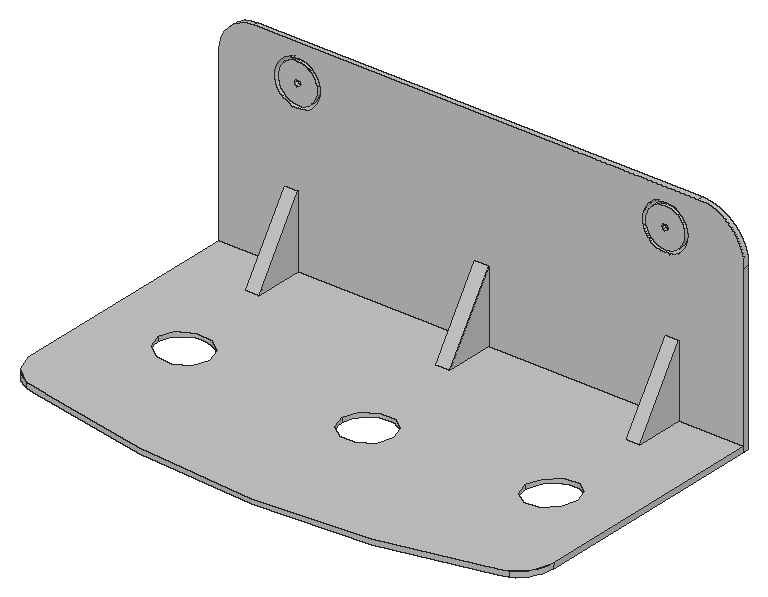
Revit family
Parameters (values of type "9001")
  Width = 0' - 2 13/16"
  Warranty Information = "Complete Unit, One Year."
  Version = "1.0"
  URL = "http://www.bradleycorp.com"
  Technical Data = "n/a"
  Soap Dish Material = Metal - Bradley Corp - Stainless Steel
  Plate Offset = if(Anchor Plate, 0' 0 3/16", 0' 0")  # 0' - 0"
  Percentage of Recycled Content = 0
  OmniClass Title = "Soap Holders, Dispensers"
  Omni Class Code = "23.40.20.21.34"
  Modeling Code = "n/a"
  Model = "9001"
  Material Note = "n/a"
  MasterFormat Title = "Toilet Accessories"
  MasterFormat Number = "10 28 13"
  Manufacturer = "Bradley Corporation"
  Low Emitting Material = no
  LEED Credit = ""
  Industry Standards = "n/a"
  Fire Rating = "n/a"
  Description = "Soap Dish"
  Copyright = "This Model Is Property Of Bradley Corporation"
  Complies to NAFTA = "n/a"
  Cadmium Plate Thickness = 0' - 0 3/16"
  Buy American Act = "To Be Determined"
  Assembly Code = "C1030200"
  Anchor Plate Material = Metal - Bradley Corp - Stainless Steel - Cadmium Plated
  Anchor Plate = no
  Material = "Stainless Steel"
  Length = 0' - 5"
  Height = 0' - 2 1/8"
  ADA Compliant = "No"
Types (3): name | Plate Offset | Model | Description | Anchor Plate
  9001-59 | 0' - 0 3/16" | "9001-59" | "Soap Dish With Cadmium Anchor Plate" | yes
  9001 | 0' - 0" | "9001" | "Soap Dish" | no
  9001-61 | 0' - 0" | "9001-61" | "Soap Dish With Zinc Plated Flat Head Wood Screws" | no
Reference planes (in)
  plane 1 "Center (Front/Back)": y = 0
  plane 2: z = 0
  plane 3 "Center (Left/Right)": x = 0
  plane 4 "Front Edge Of Soap Dish": y = -2.8125
  plane 5 "Left Edge Of Soap Dish": x = -2.5
  plane 6 "Right Edge Of Soap Dish": x = 2.5
  plane 7 "Arch Of Soap Dish": z = 0.12324
  plane 8: z = 0.17124
  plane 9: z = 0.048
  plane 10 "Top Of Soap Dish": z = 2.125
  plane 11 "Soap Dish Thickness": y = -0.048
  plane 12: y = -2.5625
  plane 13 "Hole Centerline": y = -1.40625
  plane 14 "Hole Centerline1": x = -1.75
  plane 15 "Hole Centerline3": x = 1.75
  plane 16 "Right Rib": x = 1.75
  plane 17 "Front Of Rib": y = -0.59488
  plane 18 "Top Of Rib": z = 0.85832
  plane 19: x = -1.75
  plane 20 "Left Rib": x = -1.75
  plane 21: z = 1.77583
  plane 22: z = 1.77583
  plane 23: y = 0
Forms (in)
  Extrusion 1, solid, material "Metal - Bradley Corp - Stainless Steel" <- "Soap Dish Material"
    sketch origin (0, 0, 0) x (1, 0, 0) y (0, 0, 1)
      loop
        arc (-2.5, 0.12324) -> (0, 0) -> (2.5, 0.12324) r 25.41938
        line (2.5, 0.12324) -> (2.5, 0.17124)
        arc (2.5, 0.17124) -> (0, 0.048) -> (-2.5, 0.17124) r 25.41938
        line (-2.5, 0.17124) -> (-2.5, 0.12324)
    from 0 to 2.8125
  Extrusion 2, solid, material "Metal - Bradley Corp - Stainless Steel" <- "Soap Dish Material"
    sketch origin (0, 0, 0) x (1, 0, 0) y (0, 0, 1)
      loop
        arc (-2.5, 0.12324) -> (0, 0) -> (2.5, 0.12324) r 25.41938
        line (2.5, 0.12324) -> (2.5, 1.68806)
        arc (2.5, 1.68806) -> (2.37202, 1.99702) -> (2.06306, 2.125) r 0.43694
        line (2.06306, 2.125) -> (-2.17346, 2.125)
        arc (-2.17346, 2.125) -> (-2.40436, 2.02936) -> (-2.5, 1.79846) r 0.32654
        line (-2.5, 1.79846) -> (-2.5, 0.12324)
    from 0 to 0.048
  Extrusion 3, void
    sketch origin (0, 0, 0) x (1, 0, 0) y (0, 1, 0)
      loop
        line (-2.5, -2.5625) -> (-2.5, -2.8125) -> (2.5, -2.8125) -> (2.5, -2.5625)
        arc (2.5, -2.5625) -> (0, -2.78131) -> (-2.5, -2.5625) r 14.39127
    from 0 to 0.17124
  Extrusion 4, void
    sketch origin (0, 0, 0) x (1, 0, 0) y (0, 1, 0)
      loop
        line (-2.5, -2.3125) -> (-2.5, -2.61209) -> (-2.20041, -2.61209)
        arc (-2.20041, -2.61209) -> (-2.41225, -2.52435) -> (-2.5, -2.3125) r 0.29959
      loop
        arc (2.5, -2.3125) -> (2.41225, -2.52435) -> (2.20041, -2.61209) r 0.29959
        line (2.20041, -2.61209) -> (2.5, -2.61209) -> (2.5, -2.3125)
    from 0 to 0.17124
  Extrusion 5, void
    sketch origin (0, 0, 0) x (1, 0, 0) y (0, 1, 0)
      loop
        circle (-1.75, -1.40625) r 0.25
      loop
        circle (0, -1.40625) r 0.25
      loop
        circle (1.75, -1.40625) r 0.25
    from -0.03303 to 0.17124
  Extrusion 6, solid, material "Metal - Bradley Corp - Stainless Steel"
    sketch origin (0, -0.59488, 2.09581) x (0, 0, 1) y (1, 0, 0)
      loop
        line (-1.98749, 1.75) -> (-1.23749, 1.75) -> (-1.23749, 1.875) -> (-1.97887, 1.875) -> (-1.98749, 1.75)
      loop
        line (-1.23749, -0.0625) -> (-1.23749, 0.0625) -> (-2.04781, 0.0625) -> (-2.04781, -0.0625) -> (-1.23749, -0.0625)
      loop
        line (-1.23749, -1.75) -> (-1.98626, -1.75) -> (-1.97764, -1.875) -> (-1.23749, -1.875) -> (-1.23749, -1.75)
    from 0 to 0.54687
  Extrusion 7, void
    sketch origin (0.0625, -0.59488, 0.85832) x (0, 0, 1) y (0, 1, 0)
      loop
        line (0, 0.54687) -> (-0.81032, 0) -> (0, 0) -> (0, 0.54687)
    from -1.8125 to 1.9375
  Revolve 8, void
    sketch origin (-1.75, -180, 2.125) x (0, 0, 1) y (0, -1, 0)
      loop
        line (-0.16167, -179.952) -> (-0.16167, -179.98325)
        arc (-0.16167, -179.98325) -> (-0.13957, -179.9741) -> (-0.13042, -179.952) r 0.03125
        line (-0.13042, -179.952) -> (-0.16167, -179.952)
      axis (-0.34917, -179.952) -> (-0.34917, -179.99137)
    angle from 0 to 360
  Revolve 9, void
    sketch origin (1.75, -180, 2.125) x (0, 0, 1) y (0, -1, 0)
      loop
        line (-0.16167, -179.952) -> (-0.16167, -179.98325)
        arc (-0.16167, -179.98325) -> (-0.13957, -179.9741) -> (-0.13042, -179.952) r 0.03125
        line (-0.13042, -179.952) -> (-0.16167, -179.952)
      axis (-0.34917, -179.952) -> (-0.34917, -179.99137)
    angle from 0 to 360
  Extrusion 10, void
    sketch origin (0, -0.048, 0) x (-1, 0, 0) y (0, 0, 1)
      loop
        circle (1.75, 1.77583) r 0.03125
      loop
        circle (-1.75, 1.77583) r 0.03125
    from 0 to 0.03125
Cuts and joins
  Extrusion 3, Extrusion 4, Extrusion 5 cuts Extrusion 1
  Extrusion 7, Revolve 8, Revolve 9, Extrusion 10 cuts Extrusion 2
  Extrusion 7 cuts Extrusion 6
Dimensions and locks (in)
  equal spacing: plane 5 "Left Edge Of Soap Dish", plane 3 "Center (Left/Right)", plane 6 "Right Edge Of Soap Dish", locked at 2.5 each
  locked: plane 7 "Arch Of Soap Dish" to level at 0.12324
  locked: plane 8 to plane 7 "Arch Of Soap Dish" at 0.048
  locked: plane 9 to level at 0.048
  plane 4 "Front Edge Of Soap Dish" to plane 1 "Center (Front/Back)" = 0' - 2 13/16"
  locked: plane 10 "Top Of Soap Dish" to level at 2.125
  locked: plane 11 "Soap Dish Thickness" to plane 1 "Center (Front/Back)" at 0.048
  locked: plane 4 "Front Edge Of Soap Dish" to plane 12 at 0.25
  equal spacing: plane 4 "Front Edge Of Soap Dish", plane 13 "Hole Centerline", plane 1 "Center (Front/Back)", locked at 1.40625 each
  locked: plane 5 "Left Edge Of Soap Dish" to plane 14 "Hole Centerline1" at 0.75
  locked: plane 15 "Hole Centerline3" to plane 6 "Right Edge Of Soap Dish" at 0.75
  locked: plane 6 "Right Edge Of Soap Dish" to plane 16 "Right Rib" at 0.75
  locked: Extrusion 6 sketch curve to Extrusion 6 sketch curve at 0.125
  locked: Extrusion 6 sketch curve to Extrusion 6 sketch curve at 0.75
  locked: Extrusion 6 sketch curve to Extrusion 6 sketch curve at 0.74137
  locked: plane 5 "Left Edge Of Soap Dish" to plane 20 "Left Rib" at 0.75
  Extrusion 6 sketch curve to Extrusion 6 sketch curve = 0' - 0 1/8"  (x2)
  equal spacing: Extrusion 6 sketch curve, plane 3 "Center (Left/Right)", Extrusion 6 sketch curve
  Revolve 8 sketch curve to Revolve 8 sketch curve = 0' - 0 3/16"
  Revolve 9 sketch curve to Revolve 9 sketch curve = 0' - 0 3/16"
  "Plate Offset": plane 1 "Center (Front/Back)" to plane 23
  plane 22 to level = 0' - 1.77583"
  aligned and locked: Extrusion 1 sketch curve to plane 5 "Left Edge Of Soap Dish"
  aligned and locked: Extrusion 1 sketch curve to plane 6 "Right Edge Of Soap Dish"
  aligned and locked: plane 4 "Front Edge Of Soap Dish" to Extrusion 1
  aligned and locked: plane 7 "Arch Of Soap Dish" to Extrusion 2 sketch curve
  aligned and locked: Extrusion 2 sketch curve to plane 5 "Left Edge Of Soap Dish"
  aligned and locked: Extrusion 2 sketch curve to plane 6 "Right Edge Of Soap Dish"
  aligned and locked: Extrusion 2 sketch curve to plane 10 "Top Of Soap Dish"
  aligned and locked: plane 11 "Soap Dish Thickness" to Extrusion 2
  aligned and locked: Extrusion 3 sketch curve to Extrusion 1  (x2)
  aligned and locked: Extrusion 3 sketch curve to plane 4 "Front Edge Of Soap Dish"
  aligned and locked: plane 8 to Extrusion 3
  aligned and locked: plane 8 to Extrusion 4
  aligned and locked: plane 8 to Extrusion 5
  aligned and locked: plane 16 "Right Rib" to Extrusion 6 sketch curve
  aligned and locked: plane 18 "Top Of Rib" to Extrusion 6 sketch curve  (x2)
  aligned and locked: Extrusion 6 sketch curve to plane 18 "Top Of Rib"
  aligned and locked: Extrusion 6 to Extrusion 2
  aligned and locked: Extrusion 7 to cut or joined group of Extrusion 6, Extrusion 7  (x2)
  aligned and locked: Extrusion 10 to Revolve 8
  aligned and locked: plane 20 "Left Rib" to nested 1
  aligned and locked: plane 16 "Right Rib" to nested 1
  aligned and locked: plane 22 to cut or joined group of Extrusion 2, Extrusion 7, Revolve 8, Revolve 9, Extrusion 10
  aligned and locked: plane 22 to nested 1
  aligned and locked: plane 23 to nested 1
Automatic sketch dimensions
  Extrusion 1 sketch curve to plane 3 "Center (Left/Right)" = 0' - 0"  (x2)
  Extrusion 1 sketch curve to plane 7 "Arch Of Soap Dish" = 0' - 0"
  Extrusion 1 sketch curve to plane 8 = 0' - 0"
  plane 8 to Extrusion 1 sketch curve = 2' - 1.24815"
  Extrusion 1 sketch curve to Extrusion 1 sketch curve = 0' - 0.048"
  Extrusion 2 sketch curve to plane 3 "Center (Left/Right)" = 0' - 0"
  Extrusion 2 sketch curve to plane 5 "Left Edge Of Soap Dish" = 0' - 0.32654"
  plane 16 "Right Rib" to Extrusion 2 sketch curve = 0' - 0.31306"
  plane 10 "Top Of Soap Dish" to Extrusion 2 sketch curve = 1' - 11.29438"
  Extrusion 3 sketch curve to plane 3 "Center (Left/Right)" = 0' - 0"
  Extrusion 3 sketch curve to plane 12 = 0' - 0"
  Extrusion 3 sketch curve to plane 1 "Center (Front/Back)" = 0' - 11.60996"
  Extrusion 4 sketch curve to plane 5 "Left Edge Of Soap Dish" = 0' - 0"
  Extrusion 4 sketch curve to plane 6 "Right Edge Of Soap Dish" = 0' - 0"
  Extrusion 4 sketch curve to Extrusion 4 sketch curve = 0' - 0.29959"
  Extrusion 4 sketch curve to plane 6 "Right Edge Of Soap Dish" = 0' - 0.29959"
  Extrusion 4 sketch curve to plane 4 "Front Edge Of Soap Dish" = 0' - 0.20041"  (x2)
  Extrusion 5 sketch curve to plane 13 "Hole Centerline" = 0' - 0"  (x3)
  Extrusion 5 sketch curve to plane 14 "Hole Centerline1" = 0' - 0"
  Extrusion 5 sketch curve to plane 3 "Center (Left/Right)" = 0' - 0"
  Extrusion 5 sketch curve to plane 15 "Hole Centerline3" = 0' - 0"
  Extrusion 6 sketch curve to plane 9 = 0' - 0"
  Extrusion 6 sketch curve to plane 19 = 0' - 0"
  Extrusion 6 sketch curve to plane 7 "Arch Of Soap Dish" = 0' - 0.01369"
  Extrusion 6 sketch curve to plane 7 "Arch Of Soap Dish" = 0' - 0.00506"
  Extrusion 7 sketch curve to Extrusion 6 = 0' - 0"  (x4)
  Revolve 8 sketch curve to plane 11 "Soap Dish Thickness" = 0' - 0"  (x2)
  Revolve 8 sketch curve to plane 1 "Center (Front/Back)" = 0' - 0.05036"
  plane 8 to Revolve 8 sketch curve = 0' - 1.6046"
  Revolve 8 sketch curve to Revolve 8 sketch curve = 0' - 0 1/32"
  Revolve 9 sketch curve to plane 11 "Soap Dish Thickness" = 0' - 0"  (x2)
  Revolve 9 sketch curve to plane 1 "Center (Front/Back)" = 0' - 0.05036"
  plane 8 to Revolve 9 sketch curve = 0' - 1.6046"
  Revolve 9 sketch curve to Revolve 9 sketch curve = 0' - 0 1/32"
  Extrusion 2 to Extrusion 10 sketch curve = 0' - 0.34917"  (x2)
  Extrusion 2 to Extrusion 10 sketch curve = 0' - 0 3/4"  (x2)
  radius of Extrusion 5 sketch curve = 0' - 0 1/4"  (x3)
  radius of Extrusion 10 sketch curve = 0' - 0 1/32"  (x2)
Nested families (in)
  nested 1: "Soap_Dish_Anchor_Plate-Bradley_Corp-9001" at (0, 0, 0.52583), visible <- "Anchor Plate", type "Soap_Dish_Anchor_Plate-Bradley_Corp-9001"
Definition of nested family "Soap_Dish_Anchor_Plate-Bradley_Corp-9001"
  Parameters
    Anchor Plate Material = Metal - Bradley Corp - Stainless Steel - Cadmium Plated
  Reference planes (in)
    plane 1 "Center (Front/Back)": y = 0
    plane 2: z = 0
    plane 3 "Center (Left/Right)": x = 0
    plane 4 "Left Plate Edge": x = -2
    plane 5 "Right Plate Edge": x = 2
    plane 6 "Top Plate Edge": z = 1.5
    plane 7 "Plate Thickness": y = -0.1875
    plane 8 "Countersunk Hole Centers": z = 1
    plane 9 "Tapped Hole Centers": z = 1.25
    plane 10 "Left Hole 1": x = -1.75
    plane 11 "Left Hole 2": x = -1
    plane 12 "Right Hole 1": x = 1.75
    plane 13 "Right Hole 2": x = 1
  Forms (in)
    Extrusion 1, solid, material "Metal - Bradley Corp - Stainless Steel - Cadmium Plated" <- "Anchor Plate Material"
      sketch origin (0, 0, 0) x (1, 0, 0) y (0, 0, 1)
        loop
          line (-2, 1.5) -> (-2, 0) -> (2, 0) -> (2, 1.5) -> (-2, 1.5)
      from 0 to 0.1875
    Revolve 2, void
      sketch origin (-2, -180, 1) x (-1, 0, 0) y (0, -1, 0)
        loop
          line (-1, -179.8125) -> (-1.25, -179.8125) -> (-1.14062, -179.93541) -> (-1.14062, -180) -> (-1, -180) -> (-1, -179.8125)
        axis (-1, -180) -> (-1, -179.8125)
      angle from 0 to 360
    Revolve 3, void
      sketch origin (0, -180, 1) x (-1, 0, 0) y (0, -1, 0)
        loop
          line (-1, -179.8125) -> (-1.25, -179.8125) -> (-1.14062, -179.93541) -> (-1.14062, -180) -> (-1, -180) -> (-1, -179.8125)
        axis (-1, -180) -> (-1, -179.8125)
      angle from 0 to 360
    Extrusion 4, void
      sketch origin (0, 0, 0) x (1, 0, 0) y (0, 0, 1)
        loop
          circle (-1.75, 1.25) r 0.1005
        loop
          circle (1.75, 1.25) r 0.1005
      from 0 to 0.1875
  Cuts and joins
    Revolve 2, Revolve 3, Extrusion 4 cuts Extrusion 1
  Dimensions and locks (in)
    equal spacing: plane 4 "Left Plate Edge", plane 3 "Center (Left/Right)", plane 5 "Right Plate Edge"
    equal spacing: Extrusion 1, plane 9 "Tapped Hole Centers", plane 8 "Countersunk Hole Centers"
    locked: plane 6 "Top Plate Edge" to level at 1.5
    locked: Revolve 2 sketch curve to Revolve 2 sketch curve at 0.14063
    plane 8 "Countersunk Hole Centers" to level = 0' - 1"
    locked: Revolve 3 sketch curve to Revolve 3 sketch curve at 0.14063
    group 1 to group 2 = 0' - 2"
    group 1 to group 2 = 0' - 0"  (x2)
    locked: plane 4 "Left Plate Edge" to plane 5 "Right Plate Edge" at 4
    aligned and locked: Extrusion 1 sketch curve to plane 6 "Top Plate Edge"
    aligned and locked: Extrusion 1 sketch curve to plane 4 "Left Plate Edge"
    aligned and locked: Extrusion 1 sketch curve to plane 5 "Right Plate Edge"
    aligned and locked: level to Extrusion 1 sketch curve
    aligned and locked: plane 7 "Plate Thickness" to Extrusion 1
    aligned and locked: plane 7 "Plate Thickness" to Extrusion 4
  Automatic sketch dimensions
    Revolve 2 sketch curve to Revolve 2 sketch curve = 0' - 0 7/64"
    Revolve 2 sketch curve to Revolve 2 sketch curve = 0' - 0"  (x3)
    Revolve 2 sketch curve to Revolve 2 sketch curve = 0' - 0.06459"
    Revolve 2 sketch curve to Revolve 2 sketch curve = 0' - 0.12291"
    Revolve 3 sketch curve to Revolve 3 sketch curve = 0' - 0 7/64"
    Revolve 3 sketch curve to Revolve 3 sketch curve = 0' - 0"  (x3)
    Revolve 3 sketch curve to Revolve 3 sketch curve = 0' - 0.06459"
    Revolve 3 sketch curve to Revolve 3 sketch curve = 0' - 0.12291"
    Extrusion 4 sketch curve to plane 9 "Tapped Hole Centers" = 0' - 0"  (x2)
    Extrusion 4 sketch curve to plane 10 "Left Hole 1" = 0' - 0"
    Extrusion 4 sketch curve to plane 12 "Right Hole 1" = 0' - 0"
    radius of Extrusion 4 sketch curve = 0' - 0.1005"  (x2)
